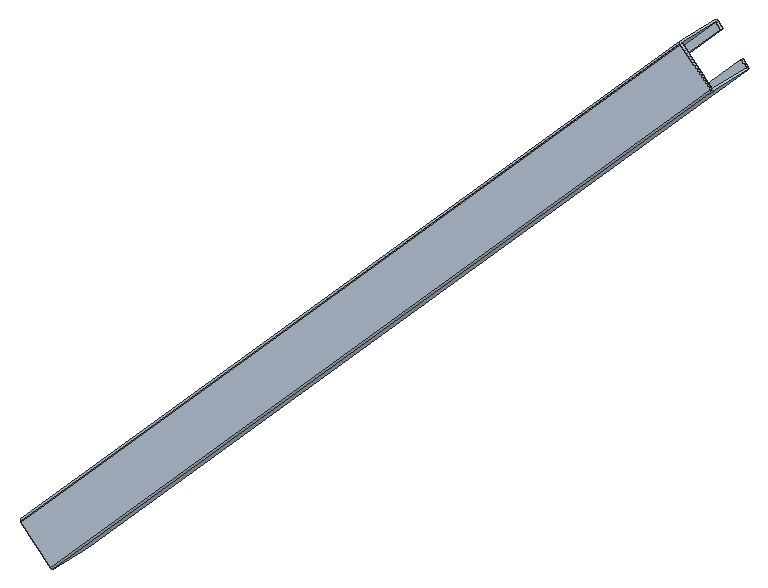
Revit family "BBAR", category 機械設備, Revit 2020
Family settings
  丸型コネクタ寸法 = 直径を使用
  パーツ タイプ = 標準
  OmniClass 番号 = 23.75.00.00
  OmniClass タイトル = Climate Control (HVAC)
  作業面ベース = いいえ
  常に垂直 = いいえ
  ロード時にボイドで切り取り = いいえ
  共有 = いいえ
  部屋計算ポイント = いいえ
Parameters (values of type "C25x25x5x1.0")
  ﾌﾞﾚｰｽ ﾏﾃﾘｱﾙ = 溶融亜鉛メッキ
  ﾌﾘｯﾌﾟ（水平） = if(ﾌﾘｯﾌﾟ, t, if(t = 1 mm, -2.6 mm, 0 mm))  # -2.6 mm
  角度 [instance] = 45.00°
  既定の高さ = 0 mm
  回転中心からの距離B = 49.5 mm
  回転中心からの距離 = if(ﾌﾘｯﾌﾟ, 38 mm, 回転中心からの距離B)  # 49.5 mm
  ﾌﾘｯﾌﾟ = no
  Cﾌﾞﾚｰｽ = yes
  w = 12.5 mm
  l = 5 mm
  H = 25 mm
  L [instance] = 500 mm
  W = 25 mm
  t = 1 mm
Reference planes
  plane 1 "中心(正面/背面)": y = 0
  plane 2: z = 0
  plane 3 "中心(左/右)": x = 0
Forms (mm)
  Sweep 1, solid, material "溶融亜鉛メッキ" <- "ﾌﾞﾚｰｽ ﾏﾃﾘｱﾙ", visible <- "Cﾌﾞﾚｰｽ"
    path origin (0, 0, 0) x (1, 0, 0) y (0, 0, 1)
      loop
        line (-35.002, -35.002) -> (-388.555, -388.555)
    profile "C_C : C_C" origin (-211.778, 0, -211.778) x (0.707107, 0, -0.707107) y (0, -1, 0)
      loop
        line (-11.5, -26.6) -> (-7.5, -26.6) -> (-7.5, -25.6) -> (-11.5, -25.6) -> (-11.5, -2.6) -> (11.5, -2.6) -> (11.5, -25.6) -> (7.5, -25.6) -> (7.5, -26.6) -> (11.5, -26.6)
        arc (11.5, -26.6) -> (12.207, -26.307) -> (12.5, -25.6) r 1
        line (12.5, -25.6) -> (12.5, -2.6)
        arc (12.5, -2.6) -> (12.207, -1.893) -> (11.5, -1.6) r 1
        line (11.5, -1.6) -> (-11.5, -1.6)
        arc (-11.5, -1.6) -> (-12.207, -1.893) -> (-12.5, -2.6) r 1
        line (-12.5, -2.6) -> (-12.5, -25.6)
        arc (-12.5, -25.6) -> (-12.207, -26.307) -> (-11.5, -26.6) r 1
Lines and regions (mm)
  reference lines
    curve 1: line (0, 0, 0) -> (-692.965, 0, -692.965)
Dimensions and locks
  "L": Sweep 1 sketch curve to Sweep 1 sketch curve
  "回転中心からの距離": Sweep 1 sketch curve to curve 1
  "角度": angle plane 2 to curve 1
  aligned and locked: level to plane 2
  aligned and locked: curve 1 to Sweep 1 sketch curve
Automatic sketch dimensions
  curve 1 to level = 0 mm
  curve 1 to plane 3 "中心(左/右)" = 0 mm
